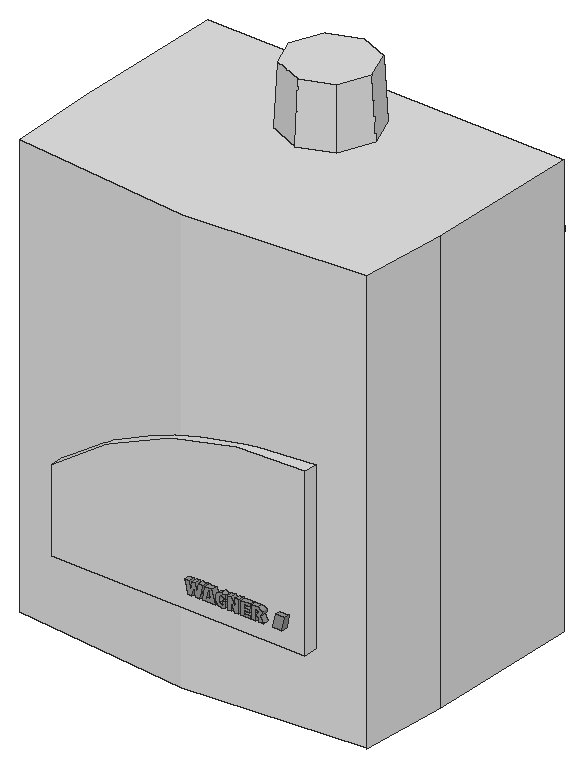
Revit family "WAGNER_Фильтр_воздушный", category Оборудование, Revit 2017
Family settings
  Размер круглого соединителя = Использовать диаметр
  Тип детали = Нормальный
  Номер OmniClass = 23.70.30.24.17
  Заголовок OmniClass = Dust Collectors
  На основе рабочей плоскости = Нет
  Всегда вертикально = Да
  При загрузке вырезать с полостями = Нет
  Общий = Да
  Точка расчета площади = Нет
Parameters (values of type "Typ LF-AD/a")
  Description = ADSK_Наименование  # ""
  Изготовитель = [ADSK_Завод-изготовитель]  # "WAGNER"
  bimon.ru = "bimon.ru"
  WAGNER_Тип = if(WAGNER_Variation = 1, "Typ LF-AD/a", if(WAGNER_Variation = 2, "Typ LF-AD-1/a", if(WAGNER_Variation = 3, "Typ LF-AD-2/a", "0")))  # "Typ LF-AD/a"
  WAGNER_Температурный режим. = if(WAGNER_Variation = 1, "от -20℃ до +60℃", if(WAGNER_Variation = 2, "от -20℃ до +60℃", if(WAGNER_Variation = 3, "от -40℃ до +60℃", if(WAGNER_Variation = 4, "0", if(WAGNER_Variation = 5, "0", if(WAGNER_Variation = 6, "0", if(WAGNER_Variation = 7, "0", "@_@")))))))  # "от -20℃ до +60℃"
  WAGNER_Название = if(WAGNER_Variation = 1, "Фильтр воздушный, 15 микрон", if(WAGNER_Variation = 2, "Фильтр воздушный, 10 микрон", if(WAGNER_Variation = 3, "Фильтр воздушный, 5 микрон", "0")))  # "Фильтр воздушный, 15 микрон"
  WAGNER_Артикул = if(WAGNER_Variation = 1, "AD-10-1960", if(WAGNER_Variation = 2, "AD-10-1963", if(WAGNER_Variation = 3, "AD-10-1966", "0")))  # "AD-10-1960"
  WAGNER_Variation = 1
  Uniclass Title = "Panel air filters"  # constant formula
  Uniclass Code = "Pr_65_57_02_66"  # constant formula
  URL = "www.wagner-russia.com"
  UNSPSC Title = "Filters"  # constant formula
  UNSPSC Code = "401615"  # constant formula
  OmniClass Title = "Air Filters"  # constant formula
  OmniClass Code = "23-27 57 27"  # constant formula
  Masterformat Title = "HVAC Air-Distribution System Cleaning"  # constant formula
  Masterformat Code = "23 01 30.51"  # constant formula
  IFC Classification = ""
  COBie Category = "Panel air filters"  # constant formula
  ADSK_Размер_Ширина = 91 mm  # constant formula
  ADSK_Размер_Длина = 127 mm  # constant formula
  ADSK_Размер_Высота = 151 mm  # constant formula
  ADSK_Наименование краткое = ""
  ADSK_Наименование = ""
  ADSK_Материал = WAGNER_Корпус
  ADSK_Масса_Текст = ""
  ADSK_Марка = WAGNER_Тип  # "Typ LF-AD/a"
  ADSK_Код изделия = "-"  # constant formula
  ADSK_Завод-изготовитель = "WAGNER"  # constant formula
  ADSK_Единица измерения = "шт."  # constant formula
  ADSK_Дата изменения = "08.07.20"  # constant formula
  ADSK_Версия семейства = "Версия 1"  # constant formula
  ADSK_Версия Revit = "Revit 2017"  # constant formula
  ADSK_URL страницы изделия = ""
  ADSK_URL документации изделия = ""
Types (3, lengths in mm): name | WAGNER_Тип | WAGNER_Температурный режим. | WAGNER_Название | WAGNER_Артикул | WAGNER_Variation | ADSK_Марка
  Typ LF-AD-1/a | "Typ LF-AD-1/a" | "от -20℃ до +60℃" | "Фильтр воздушный, 10 микрон" | "AD-10-1963" | 2 | "Typ LF-AD-1/a"
  Typ LF-AD/a | "Typ LF-AD/a" | "от -20℃ до +60℃" | "Фильтр воздушный, 15 микрон" | "AD-10-1960" | 1 | "Typ LF-AD/a"
  Typ LF-AD-2/a | "Typ LF-AD-2/a" | "от -40℃ до +60℃" | "Фильтр воздушный, 5 микрон" | "AD-10-1966" | 3 | "Typ LF-AD-2/a"
Reference planes
  plane 1 "По центру (Вперед/Назад)": y = -115
  plane 2: z = 0
  plane 3 "По центру (Влево/Вправо)": x = -926.101
Forms (mm)
  Extrusion 1, solid, material "WAGNER_Корпус" <- "ADSK_Материал"
    sketch origin (0, -115, 0) x (1, 0, 0) y (0, 0, 1)
      loop
        line (-862.845, 75.505) -> (-989.858, 75.505) -> (-989.858, -75.505) -> (-862.845, -75.505) -> (-862.845, 75.505)
    from 0 to 55
  Sweep 2, solid, material "WAGNER_Корпус" <- "ADSK_Материал"
    path origin (0, -422.5, 0) x (0, 0, -1) y (1, 0, 0)
      loop
        line (-75.505, -926.352) -> (75.505, -926.352)
    profile origin (-926.352, -422.5, 0) x (0, -1, 0) y (1, 0, 0)
      loop
        line (-252.5, -63.506) -> (-221.633, -61.889)
        arc (-221.633, -61.889) -> (-216.28, -0.006) -> (-221.546, 61.884) r 363.284
        line (-221.546, 61.884) -> (-252.5, 63.506) -> (-252.5, -63.506)
  Extrusion 3, solid, material "WAGNER_Корпус" <- "ADSK_Материал"
    sketch origin (0, -422.5, 0) x (0, 0, -1) y (1, 0, 0)
      loop
        line (19.202, -971.36) -> (48.459, -971.36) -> (48.459, -880.843) -> (-10.543, -880.843)
        arc (-10.543, -880.843) -> (-4.219, -928.911) -> (19.202, -971.36) r 130.606
    from -223.134 to -214.5
  Extrusion 4, solid, material "WAGNER_Корпус" <- "ADSK_Материал"
    sketch origin (0, -115, 0) x (1, 0, 0) y (0, 0, 1)
      loop
        arc (-866.001, 53) -> (-870.101, 57.1) -> (-874.201, 53) r 4.1
        line (-874.201, 53) -> (-875.951, 53) -> (-875.951, 51) -> (-874.201, 51)
        arc (-874.201, 51) -> (-870.101, 46.9) -> (-866.001, 51) r 4.1
        line (-866.001, 51) -> (-864.251, 51) -> (-864.251, 53) -> (-866.001, 53)
    from -2 to 0
  Extrusion 5, solid, material "WAGNER_Корпус" <- "ADSK_Материал"
    sketch origin (-111.957, -115, 0) x (1, 0, 0) y (0, 0, 1)
      loop
        arc (-866.001, 53) -> (-870.101, 57.1) -> (-874.201, 53) r 4.1
        line (-874.201, 53) -> (-875.951, 53) -> (-875.951, 51) -> (-874.201, 51)
        arc (-874.201, 51) -> (-870.101, 46.9) -> (-866.001, 51) r 4.1
        line (-866.001, 51) -> (-864.251, 51) -> (-864.251, 53) -> (-866.001, 53)
    from -2 to 0
  Extrusion 6, solid, material "WAGNER_Корпус" <- "ADSK_Материал"
    sketch origin (-930.059, -115, 817.924) x (0, 0, 1) y (-1, 0, 0)
      loop
        arc (-866.001, 53) -> (-870.101, 57.1) -> (-874.201, 53) r 4.1
        line (-874.201, 53) -> (-875.951, 53) -> (-875.951, 51) -> (-874.201, 51)
        arc (-874.201, 51) -> (-870.101, 46.9) -> (-866.001, 51) r 4.1
        line (-866.001, 51) -> (-864.251, 51) -> (-864.251, 53) -> (-866.001, 53)
    from -2 to 0
  Extrusion 7, solid, material "WAGNER_Корпус" <- "ADSK_Материал"
    sketch origin (-818.083, -115, 817.924) x (0, 0, 1) y (-1, 0, 0)
      loop
        arc (-866.001, 53) -> (-870.101, 57.1) -> (-874.201, 53) r 4.1
        line (-874.201, 53) -> (-875.951, 53) -> (-875.951, 51) -> (-874.201, 51)
        arc (-874.201, 51) -> (-870.101, 46.9) -> (-866.001, 51) r 4.1
        line (-866.001, 51) -> (-864.251, 51) -> (-864.251, 53) -> (-866.001, 53)
    from -2 to 0
  Blend 8, solid, material "WAGNER_Корпус" <- "ADSK_Материал"
    base sketch origin (0, 0, 0) x (1, 0, 0) y (0, 1, 0)
      loop
        line (-926.101, -124.048) -> (-937.384, -128.722) -> (-942.057, -140.004) -> (-937.384, -151.286) -> (-926.101, -155.959) -> (-914.819, -151.286) -> (-910.146, -140.004) -> (-914.819, -128.722) -> (-926.101, -124.048)
    top sketch origin (0, 0, 0) x (1, 0, 0) y (0, 1, 0)
      loop
        line (-926.101, -125.237) -> (-936.543, -129.562) -> (-940.868, -140.004) -> (-936.543, -150.446) -> (-926.101, -154.771) -> (-915.66, -150.446) -> (-911.335, -140.004) -> (-915.66, -129.562) -> (-926.101, -125.237)
    from 75.33 to 96.5
  Blend 9, solid, material "WAGNER_Корпус" <- "ADSK_Материал"
    base sketch origin (0, 0, 0) x (1, 0, 0) y (0, 1, 0)
      loop
        line (-926.101, -125.237) -> (-936.541, -129.561) -> (-940.865, -140) -> (-936.541, -150.439) -> (-926.101, -154.763) -> (-915.662, -150.439) -> (-911.338, -140) -> (-915.662, -129.561) -> (-926.101, -125.237)
    top sketch origin (0, 0, 0) x (1, 0, 0) y (0, 1, 0)
      loop
        line (-926.101, -124.048) -> (-937.381, -128.72) -> (-942.053, -140) -> (-937.381, -151.28) -> (-926.101, -155.952) -> (-914.822, -151.28) -> (-910.15, -140) -> (-914.822, -128.72) -> (-926.101, -124.048)
    from -96.5 to -75.505
Cuts and joins
  joined: Extrusion 1, Sweep 2, Extrusion 3, Extrusion 4, Extrusion 5, Extrusion 6, Extrusion 7, Blend 8, Blend 9
Lines and regions (mm)
  symbolic lines
    curve 1: line (-971.36, -422.5, -48.459) -> (-971.36, -422.5, -19.202)
    curve 2: line (-880.843, -422.5, -48.459) -> (-971.36, -422.5, -48.459)
    curve 3: line (-880.843, -422.5, 10.543) -> (-880.843, -422.5, -48.459)
    curve 4: arc (-971.36, -422.5, -19.202) -> (-928.911, -422.5, 4.219) -> (-880.843, -422.5, 10.543) r 130.606
Dimensions and locks
  aligned and locked: level to plane 2
Nested families
  nested 1: "Надпись 2" at (-928.046, -208, -41.158) x (1, 0, 0) z (0, -1, 0), type "Надпись 2"
    with ADSK_Материал WAGNER_Надпись
Connectors
  piping at (-926.101, -140.004, 96.5), diameter 25
    settings: on cut or joined group 1 (Extrusion 1, Sweep 2, Extrusion 3, Extrusion 4, Extrusion 5, Extrusion 6, Extrusion 7, Blend 8, Blend 9), index 1, connector inside diameter 609.6 mm, connector length 0 mm, flow factor 0, pipe flow 0.0 m³/h, pressure drop 0.0 Pa, fitting loss kfactor 0, connector angle 0.00°, fixture units 0, engagement length 0 mm, angle of deflection 0.00°, flow configuration 0, flow direction 0, fitting loss method 0, system type 29, joint type 0, gender type 0, connector reference index -1, connector utility 0, adjustable connector no, is connector primary yes, connector description ""
  piping at (-926.101, -140, -96.5), diameter 25
    settings: on cut or joined group 1, index 2, connector inside diameter 609.6 mm, connector length 0 mm, flow factor 0, pipe flow 0.0 m³/h, pressure drop 0.0 Pa, fitting loss kfactor 0, connector angle 0.00°, fixture units 0, engagement length 0 mm, angle of deflection 0.00°, flow configuration 0, flow direction 0, fitting loss method 0, system type 29, joint type 0, gender type 0, connector reference index -1, connector utility 0, adjustable connector no, is connector primary no, connector description ""
Definition of nested family "Надпись 2"
  Parameters (values of type "Надпись 2")
    Default Elevation = 1219.2 mm
    ADSK_Материал [instance] = none
  Reference planes
    plane 1 "По центру (Вперед/Назад)": y = 0
    plane 2: z = 0
    plane 3 "По центру (Влево/Вправо)": x = 0
  Forms (mm)
    Extrusion 1, solid, material <- "ADSK_Материал"
      sketch origin (0, 0, 0) x (1, 0, 0) y (0, 1, 0)
        loop
          line (5.976, 3.658) -> (6.52, 1.303) -> (7.019, -0.861) -> (8.546, -0.861) -> (9.183, 1.294) -> (9.801, -0.861) -> (11.312, -0.861) -> (11.812, 1.303) -> (12.355, 3.658) -> (10.761, 3.658) -> (10.314, 1.558) -> (9.791, 3.658) -> (8.546, 3.658) -> (7.975, 1.528) -> (7.561, 3.658) -> (5.976, 3.658)
        loop
          line (12.155, -0.861) -> (16.804, -0.861) -> (15.678, 3.658) -> (13.116, 3.658) -> (12.155, -0.861)
        loop
          line (14.392, 2.854) -> (13.759, 0.316) -> (15.072, 0.316) -> (14.392, 2.854)
        loop
          line (19.399, 1.303) -> (19.399, 0.126) -> (18.537, 0.545)
          arc (18.537, 0.545) -> (18.29, 1.727) -> (19.043, 2.671) r 1.418
          line (19.043, 2.671) -> (20.462, 2.097) -> (20.462, 3.301) -> (19.069, 3.727) -> (17.73, 3.265)
          arc (17.73, 3.265) -> (16.772, 1.399) -> (17.73, -0.466) r 2.296
          line (17.73, -0.466) -> (19.133, -0.95) -> (20.639, -0.431) -> (20.639, 1.303) -> (19.399, 1.303)
        loop
          line (21.215, -0.861) -> (22.545, -0.861) -> (22.545, 1.303) -> (23.882, -0.861) -> (25.291, -0.861) -> (25.291, 3.658) -> (23.882, 3.658) -> (23.882, 1.494) -> (22.633, 3.658) -> (21.215, 3.658) -> (21.215, -0.861)
        loop
          line (25.915, -0.861) -> (29.278, -0.861) -> (29.278, 0) -> (27.237, 0) -> (27.237, 0.904) -> (29.012, 0.904) -> (29.012, 1.893) -> (27.237, 1.893) -> (27.237, 2.877) -> (29.278, 2.877) -> (29.278, 3.658) -> (25.915, 3.658) -> (25.915, -0.861)
        loop
          line (29.82, -0.861) -> (31.307, -0.861) -> (31.307, 0.904)
          spline (31.307, 0.904) -> (31.475, 0.833) -> (31.631, 0.749) -> (31.773, 0.65) -> (31.903, 0.538) -> (32.02, 0.412) -> (32.124, 0.271) -> (32.214, 0.117) -> (32.291, -0.051) -> (32.355, -0.233) -> (32.405, -0.428) -> (32.442, -0.638) -> (32.465, -0.861)
          line (32.465, -0.861) -> (33.974, -0.861) -> (32.99, 1.303)
          spline (32.99, 1.303) -> (33.25, 1.551) -> (33.445, 1.802) -> (33.577, 2.052) -> (33.644, 2.298) -> (33.647, 2.535) -> (33.586, 2.761) -> (33.462, 2.971) -> (33.274, 3.162) -> (33.023, 3.33) -> (32.709, 3.471) -> (32.332, 3.581) -> (31.892, 3.658)
          line (31.892, 3.658) -> (29.82, 3.658) -> (29.82, -0.861)
        loop
          line (31.307, 2.671) -> (31.307, 1.72) -> (32.258, 1.72)
          spline (32.258, 1.72) -> (32.322, 1.938) -> (32.345, 2.12) -> (32.331, 2.269) -> (32.284, 2.389) -> (32.21, 2.482) -> (32.113, 2.552) -> (31.998, 2.602) -> (31.869, 2.635) -> (31.731, 2.656) -> (31.588, 2.666) -> (31.445, 2.67) -> (31.307, 2.671)
        loop
          line (37.227, -0.862) -> (40.529, -0.862) -> (41.572, 3.656) -> (38.27, 3.656) -> (37.227, -0.862)
      from 0 to 2
  Dimensions and locks
    aligned and locked: level to plane 2
